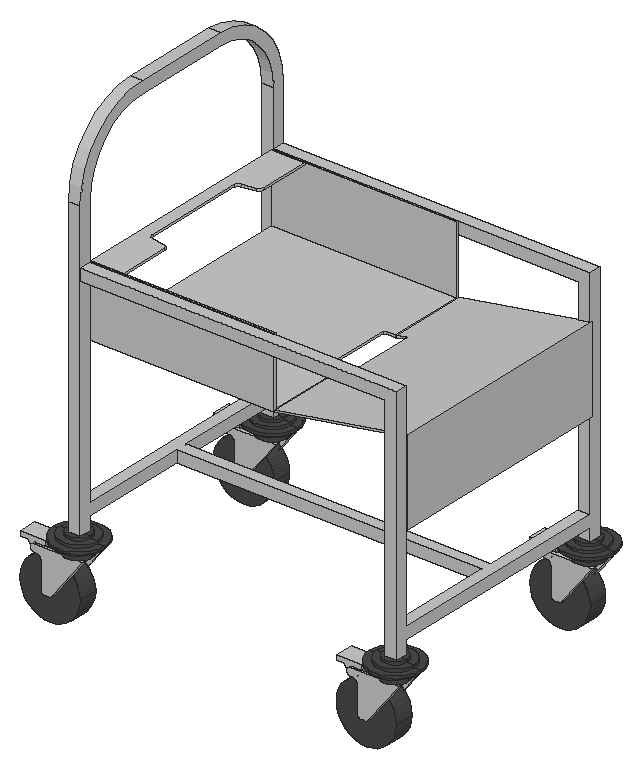
Revit family "QF_ELECTROLUXPROFESSIONAL_650065_TR210TROLLEY", category Attrezzature speciali, Revit 2020
Family settings
  Quota connettore circolare = Usa diametro
  Tipo di parte = Normale
  Basato su piano di lavoro = No
  Sempre verticale = Sì
  Taglio con vuoti quando caricato = No
  Condiviso = No
  Punto di calcolo locali = No
Parameters (values of type "Standard")
  Weight = 0.00 kg
  Watts = 0 W
  Volts = 0 V
  URL Manufacturer = ""
  URL = ""
  Steam Supply Size = 0 mm
  Steam Supply Minimum Pressure = 0.0 Pa
  Steam Supply Maximum Pressure = 0.0 Pa
  Steam Consumption per Hour = 0
  Show Clearance [instance] = yes
  Refrigeration Suction Line Size = 0 mm
  Refrigeration Liquid Line Size = 0 mm
  Refrigerant Compressor Remote = yes
  Prospetto di default = 0 mm
  Manufacturer = ""
  Phase = 0
  Model = ""
  Length Actual = 600 mm  # constant formula
  Item Number = ""
  Hot Water Size = 0 mm
  Height Actual = 1020 mm  # constant formula
  HP = ""
  Gas Size = 0 mm
  Gas KW = 0
  Gas Input Pressure = 0 W
  Direct Waste Size = 0 mm
  Description = ""
  Depth Actual = 730 mm  # constant formula
  Cycle = 0 Hz
  Condensate Return Size = 0 mm
  Compressed Air Volume = 0.0 L/s
  Compressed Air Size = 0 mm
  Compressed Air Pressure = 0.0 Pa
  Cold Water Size = 0 mm
  Accessory = yes
Reference planes
  plane 1 "Back": y = 0
  plane 2: z = 0
  plane 3 "FRONT": y = -620
  plane 4 "LEFT": x = -126
  plane 5 "RIGHT": x = 579
  plane 6: x = 226.5
  plane 7 "Centro Avanti/Indietro": y = -310
  plane 8: z = 986
  plane 9: z = 700
  plane 10: y = -50
  plane 11: y = -570
  plane 12: x = 554
  plane 13: x = -101
  plane 14: z = 675
  plane 15: z = 235
  plane 16: z = 210
  plane 17: z = 182.775
  plane 18: x = -113.5
  plane 19: x = 566.5
  plane 20: z = 696
  plane 21: x = 295.869
Forms (mm)
  Sweep 1, solid, material "QF_Finishes_Stainless Steel"
    path origin (-116, 0, 17.775) x (0, 1, 0) y (0, 0, 1)
      loop
        line (-50, 165) -> (-50, 800.725)
        arc (-50, 800.725) -> (-95.398, 910.326) -> (-205, 955.725) r 155
        line (-205, 955.725) -> (-415, 955.725)
        arc (-415, 955.725) -> (-524.602, 910.326) -> (-570, 800.725) r 155
        line (-570, 800.725) -> (-570, 165)
    profile origin (-116, -570, 500.638) x (1, 0, 0) y (0, 1, 0)
      loop
        line (-10, 12.5) -> (-10, -12.5) -> (15, -12.5) -> (15, 12.5) -> (-10, 12.5)
  Extrusion 2, solid, material "QF_Finishes_Stainless Steel"
    sketch origin (0, 250, 17.775) x (-1, 0, 0) y (0, 0, 1)
      loop
        line (101, 682.225) -> (-579, 682.225) -> (-579, 165) -> (-554, 165) -> (-554, 657.225) -> (101, 657.225) -> (101, 682.225)
    from -312.5 to -287.5
  Extrusion 3, solid, material "QF_Finishes_Stainless Steel"
    sketch origin (0, -870, 17.775) x (-1, 0, 0) y (0, 0, -1)
      loop
        line (100.755, -682.225) -> (100.755, -657.225) -> (-554, -657.225) -> (-554, -165) -> (-579, -165) -> (-579, -682.225) -> (100.755, -682.225)
    from -312.5 to -287.5
  Extrusion 4, solid, material "QF_Finishes_Stainless Steel"
    sketch origin (0, 0, 17.775) x (0, 1, 0) y (0, 0, 1)
      loop
        line (-50, 217.225) -> (-570, 217.225) -> (-570, 192.225) -> (-50, 192.225) -> (-50, 217.225)
    from -126 to -101
  Extrusion 5, solid, material "QF_Finishes_Stainless Steel"
    sketch origin (458, 0, 17.775) x (0, 1, 0) y (0, 0, -1)
      loop
        line (-50, -217.225) -> (-50, -192.225) -> (-570, -192.225) -> (-570, -217.225) -> (-50, -217.225)
    from -121 to -96
  Extrusion 6, solid, material "QF_Finishes_Stainless Steel"
    sketch origin (526.5, -456.5, 17.775) x (1, 0, 0) y (0, 0, -1)
      loop
        line (27.5, -217.225) -> (27.5, -192.225) -> (-627.5, -192.225) -> (-627.5, -217.225) -> (27.5, -217.225)
    from 134 to 159
  Extrusion 7, solid, material "QF_Finishes_Stainless Steel"
    sketch origin (685.245, 0, 217.775) x (0, 1, 0) y (0, 0, 1)
      loop
        line (-50, 235) -> (-570, 235) -> (-570, 210) -> (-50, 210) -> (-50, 235)
    from -131.245 to -106.245
  Extrusion 8, solid, material "QF_Finishes_Stainless Steel"
    sketch origin (0, 0, 0) x (1, 0, 0) y (0, 1, 0)
      loop
        line (-101, -66.5) -> (-101, -553.5) -> (-31, -553.5) -> (-31, -443.826)
        arc (-31, -443.826) -> (-33.34, -437.398) -> (-39.264, -433.978) r 10
        line (-39.264, -433.978) -> (-67.736, -428.957)
        arc (-67.736, -428.957) -> (-73.66, -425.537) -> (-76, -419.109) r 10
        line (-76, -419.109) -> (-76, -200.891)
        arc (-76, -200.891) -> (-73.66, -194.463) -> (-67.736, -191.043) r 10
        line (-67.736, -191.043) -> (-39.264, -186.022)
        arc (-39.264, -186.022) -> (-33.34, -182.602) -> (-31, -176.174) r 10
        line (-31, -176.174) -> (-31, -66.5) -> (-101, -66.5)
    from 696 to 700
  Extrusion 9, solid, material "QF_Finishes_Stainless Steel"
    sketch origin (0, 0, 0) x (0, 1, 0) y (0, 0, 1)
      loop
        line (-62.5, 700) -> (-66.5, 700) -> (-66.5, 554) -> (-553.5, 554) -> (-553.5, 700) -> (-557.5, 700) -> (-557.5, 550) -> (-62.5, 550) -> (-62.5, 700)
    from -101 to 295.869
  Extrusion 10, solid, material "QF_Finishes_Stainless Steel"
    sketch origin (0, 250, 0) x (-1, 0, 0) y (0, 0, 1)
      loop
        line (-295.869, 550) -> (-295.869, 554.067) -> (-583, 606.84) -> (-583, 423.775) -> (-554, 423.775) -> (-554, 427.775) -> (-579, 427.775) -> (-579, 602.038) -> (-295.869, 550)
    from -807.5 to -312.5
  Extrusion 11, void
    sketch origin (0, 0, 0) x (1, 0, 0) y (0, 1, 0)
      loop
        line (270.869, -235) -> (270.869, -385)
        arc (270.869, -385) -> (272.334, -388.536) -> (275.869, -390) r 5
        line (275.869, -390) -> (315.869, -390)
        arc (315.869, -390) -> (319.405, -388.536) -> (320.869, -385) r 5
        line (320.869, -385) -> (320.869, -235)
        arc (320.869, -235) -> (319.405, -231.464) -> (315.869, -230) r 5
        line (315.869, -230) -> (275.869, -230)
        arc (275.869, -230) -> (272.334, -231.464) -> (270.869, -235) r 5
    from 499.415 to 598.584
Cuts and joins
  joined: Sweep 1, Extrusion 2, Extrusion 3, Extrusion 4, Extrusion 5, Extrusion 6, Extrusion 7
  Extrusion 11 cuts Extrusion 10
  Extrusion 11 cuts Extrusion 9
Dimensions and locks
  plane 4 "LEFT" to plane 5 "RIGHT" = 705 mm
  plane 3 "FRONT" to plane 1 "Back" = 620 mm
  equal spacing: plane 4 "LEFT", plane 6, plane 5 "RIGHT"
  equal spacing: plane 3 "FRONT", plane 7 "Centro Avanti/Indietro", plane 1 "Back"
  plane 8 to plane 2 = 986 mm
  plane 9 to plane 2 = 700 mm
  equal spacing: plane 10, plane 7 "Centro Avanti/Indietro", plane 11
  plane 10 to plane 11 = 520 mm
  locked: plane 13 to plane 4 "LEFT" at 25
  locked: plane 14 to plane 15 at 440
  locked: plane 15 to plane 16 at 25
  locked: plane 9 to plane 14 at 25
  locked: plane 12 to plane 5 "RIGHT" at 25
  plane 11 to plane 3 "FRONT" = 50 mm
  plane 1 "Back" to plane 10 = 50 mm
  locked: plane 8 to Sweep 1 sketch curve at 12.5
  equal spacing: plane 12, plane 19, plane 5 "RIGHT"
  equal spacing: plane 13, plane 18, plane 4 "LEFT"
  locked: plane 9 to plane 20 at 4
  locked: plane 13 to plane 21 at 396.869
  aligned and locked: level to plane 2
  aligned and locked: plane 11 to Sweep 1 sketch curve
  aligned and locked: Sweep 1 sketch curve to plane 10
  aligned and locked: Sweep 1 to plane 4 "LEFT"
  aligned and locked: plane 5 "RIGHT" to Extrusion 2 sketch curve
  aligned and locked: Extrusion 2 sketch curve to plane 12
  aligned and locked: Sweep 1 to Extrusion 2 sketch curve
  aligned and locked: plane 10 to Extrusion 4 sketch curve
  aligned and locked: Extrusion 4 sketch curve to plane 11
  aligned and locked: Sweep 1 to Extrusion 4
  aligned and locked: plane 17 to Sweep 1 sketch curve
  aligned and locked: nested 4 to plane 10
  aligned and locked: nested 1 to plane 10
  aligned and locked: nested 3 to plane 11
  aligned and locked: nested 2 to plane 11
  aligned and locked: plane 17 to Extrusion 3
  aligned and locked: Extrusion 2 to Sweep 1
  aligned and locked: cut or joined group of Sweep 1, Extrusion 2, Extrusion 3, Extrusion 4, Extrusion 5, Extrusion 6, Extrusion 7 to plane 14  (x2)
  aligned and locked: cut or joined group of Sweep 1, Extrusion 2, Extrusion 3, Extrusion 4, Extrusion 5, Extrusion 6, Extrusion 7 to plane 9  (x2)
  aligned and locked: cut or joined group of Sweep 1, Extrusion 2, Extrusion 3, Extrusion 4, Extrusion 5, Extrusion 6, Extrusion 7 to plane 16  (x3)
  aligned and locked: plane 15 to cut or joined group of Sweep 1, Extrusion 2, Extrusion 3, Extrusion 4, Extrusion 5, Extrusion 6, Extrusion 7  (x3)
  aligned and locked: cut or joined group of Sweep 1, Extrusion 2, Extrusion 3, Extrusion 4, Extrusion 5, Extrusion 6, Extrusion 7 to plane 5 "RIGHT"  (x2)
  aligned and locked: plane 12 to cut or joined group of Sweep 1, Extrusion 2, Extrusion 3, Extrusion 4, Extrusion 5, Extrusion 6, Extrusion 7  (x2)
  aligned and locked: cut or joined group of Sweep 1, Extrusion 2, Extrusion 3, Extrusion 4, Extrusion 5, Extrusion 6, Extrusion 7 to plane 13
  aligned and locked: plane 19 to nested 2
  aligned and locked: plane 19 to nested 1
  aligned and locked: nested 3 to plane 18
  aligned and locked: nested 4 to plane 18
  aligned and locked: plane 20 to Extrusion 8
  aligned and locked: Extrusion 8 to plane 9
  aligned and locked: plane 13 to Extrusion 9
  aligned and locked: Extrusion 9 to plane 21
  aligned and locked: Extrusion 10 to cut or joined group of Sweep 1, Extrusion 2, Extrusion 3, Extrusion 4, Extrusion 5, Extrusion 6, Extrusion 7  (x2)
  aligned and locked: Extrusion 8 to Extrusion 9  (x2)
Automatic sketch dimensions
  Sweep 1 sketch curve to plane 7 "Centro Avanti/Indietro" = 105 mm
  plane 7 "Centro Avanti/Indietro" to Sweep 1 sketch curve = 105 mm
  Sweep 1 sketch curve to profile plane = 10 mm
  profile plane to Sweep 1 sketch curve = 15 mm
  profile plane to Sweep 1 sketch curve = 12.5 mm
  Sweep 1 sketch curve to profile plane = 12.5 mm
  plane 5 "RIGHT" to Extrusion 3 sketch curve = 0 mm
  plane 12 to Extrusion 3 sketch curve = 0 mm
  Extrusion 3 sketch curve to plane 9 = 0 mm
  plane 14 to Extrusion 3 sketch curve = 0 mm
  Extrusion 3 sketch curve to plane 13 = 0.245 mm
  Extrusion 5 sketch curve to plane 11 = 0 mm
  Extrusion 5 sketch curve to plane 10 = 0 mm
  plane 15 to Extrusion 5 sketch curve = 0 mm
  plane 16 to Extrusion 5 sketch curve = 0 mm
  plane 13 to Extrusion 6 sketch curve = 0 mm
  plane 12 to Extrusion 6 sketch curve = 0 mm
  plane 15 to Extrusion 6 sketch curve = 0 mm
  plane 16 to Extrusion 6 sketch curve = 0 mm
  Extrusion 7 sketch curve to plane 11 = 0 mm
  Extrusion 7 sketch curve to plane 10 = 0 mm
  plane 15 to Extrusion 7 sketch curve = 192.775 mm
  Extrusion 7 sketch curve to Extrusion 7 sketch curve = 25 mm
  plane 17 to Sweep 1 sketch curve = 0 mm
  plane 9 to Extrusion 2 sketch curve = 25 mm
  Extrusion 2 sketch curve to plane 9 = 0 mm
  Extrusion 4 sketch curve to plane 15 = 25 mm
  plane 15 to Extrusion 4 sketch curve = 0 mm
  Extrusion 2 sketch curve to plane 17 = 0 mm
  Extrusion 3 sketch curve to plane 17 = 0 mm
  Extrusion 8 sketch curve to plane 13 = 0 mm
  Extrusion 8 sketch curve to plane 13 = 25 mm
  Extrusion 8 sketch curve to Extrusion 8 sketch curve = 8.264 mm  (x2)
  Extrusion 8 sketch curve to Extrusion 8 sketch curve = 1.736 mm  (x4)
  Extrusion 8 sketch curve to Extrusion 8 sketch curve = 26.736 mm  (x2)
  Extrusion 8 sketch curve to plane 10 = 16.5 mm
  Extrusion 8 sketch curve to Extrusion 8 sketch curve = 70 mm  (x2)
  plane 11 to Extrusion 8 sketch curve = 16.5 mm
  Extrusion 8 sketch curve to Extrusion 8 sketch curve = 109.674 mm
  Extrusion 8 sketch curve to Extrusion 8 sketch curve = 5.021 mm  (x2)
  plane 7 "Centro Avanti/Indietro" to Extrusion 8 sketch curve = 109.109 mm
  plane 9 to Extrusion 9 sketch curve = 0 mm  (x2)
  plane 11 to Extrusion 9 sketch curve = 12.5 mm
  Extrusion 9 sketch curve to Extrusion 9 sketch curve = 4 mm  (x3)
  Extrusion 9 sketch curve to plane 10 = 16.5 mm
  Extrusion 9 sketch curve to plane 14 = 121 mm
  plane 5 "RIGHT" to Extrusion 10 sketch curve = 0 mm
  plane 12 to Extrusion 10 sketch curve = 0 mm
  Extrusion 10 sketch curve to plane 21 = 0 mm
  Extrusion 10 sketch curve to plane 5 "RIGHT" = 4 mm
  plane 15 to Extrusion 10 sketch curve = 188.775 mm
  Extrusion 10 sketch curve to Extrusion 10 sketch curve = 4 mm
  Extrusion 10 sketch curve to plane 14 = 72.962 mm
  Extrusion 10 sketch curve to Extrusion 10 sketch curve = 4.802 mm
  Extrusion 10 sketch curve to plane 14 = 125 mm
  Extrusion 10 sketch curve to Extrusion 10 sketch curve = 4.067 mm
  plane 21 to Extrusion 11 sketch curve = 25 mm
  Extrusion 11 sketch curve to Extrusion 11 sketch curve = 5 mm  (x3)
  Extrusion 11 sketch curve to plane 21 = 20 mm  (x2)
  Extrusion 11 sketch curve to plane 7 "Centro Avanti/Indietro" = 80 mm
  plane 7 "Centro Avanti/Indietro" to Extrusion 11 sketch curve = 75 mm
Nested families
  nested 1: "ruota_01" at (566.5, -50, 182.775) x (-1, 0, 0) z (0, 0, -1), type "ruota_01"
  nested 2: "ruota_01" at (566.5, -570, 182.775) x (-1, 0, 0) z (0, 0, -1), type "ruota_01"
  nested 3: "ruota_01" at (-113.5, -570, 182.775) x (-1, 0, 0) z (0, 0, -1), type "ruota_01"
  nested 4: "ruota_01" at (-113.5, -50, 182.775) x (-1, 0, 0) z (0, 0, -1), type "ruota_01"
Definition of nested family "ruota_01"
  Parameters (values of type "ruota_01")
    Default Elevation = 1219.2 mm
  Reference planes
    plane 1 "Centro (Fronte/Retro)": y = 0
    plane 2: z = 0
    plane 3 "Centro (Sinistra/Destra)": x = 0
    plane 4: y = 20
    plane 5: y = -20
    plane 6: y = 26
    plane 7: y = -26
  Forms (mm)
    Extrusion 1, solid
      sketch origin (0, 0, 0) x (1, 0, 0) y (0, 1, 0)
        loop
          line (-1219.2, 1219.2) -> (-1219.2, -1219.2) -> (1219.2, -1219.2) -> (1219.2, 1219.2) -> (-1219.2, 1219.2)
      from 0 to -304.8
    Revolve 2, solid
      sketch origin (0, 0, 0) x (1, 0, 0) y (0, 0, 1)
        loop
          line (0, 0) -> (25, 0) -> (25, 5) -> (40, 5) -> (40, 10) -> (55, 10) -> (55, 15) -> (50, 15) -> (50, 20) -> (30, 20) -> (30, 40) -> (0, 40) -> (0, 0)
        axis (0, 40) -> (0, 0)
      angle from 0 to 360
    Extrusion 3, solid
      sketch origin (0, 0, 0) x (1, 0, 0) y (0, 0, 1)
        loop
          line (-30, 40) -> (75.462, 40)
          arc (75.462, 40) -> (82.962, 47.5) -> (75.462, 55) r 7.5
          line (75.462, 55) -> (74.393, 55)
          arc (74.393, 55) -> (63.787, 59.393) -> (59.393, 70) r 15
          line (59.393, 70) -> (59.393, 123.117)
          arc (59.393, 123.117) -> (57.2, 128.413) -> (51.904, 130.607) r 7.49
          line (51.904, 130.607) -> (44.331, 130.607)
          arc (44.331, 130.607) -> (39.904, 129.573) -> (36.391, 126.687) r 10
          line (36.391, 126.687) -> (-30, 40)
      from -26 to -20
    Extrusion 4, solid
      sketch origin (0, 0, 0) x (1, 0, 0) y (0, 0, 1)
        loop
          line (55, 40) -> (55, 30) -> (110, 30) -> (110, 40) -> (95, 40) -> (77.322, 57.678) -> (65.84, 57.678) -> (55, 40)
      from -20 to 20
    Extrusion 5, solid
      sketch origin (0, 0, 0) x (1, 0, 0) y (0, 0, 1)
        loop
          circle (45.692, 118.174) r 65
      from -20 to 20
    Extrusion 6, solid
      sketch origin (0, 0, 0) x (1, 0, 0) y (0, 0, -1)
        loop
          line (-30, -40) -> (36.391, -126.687)
          arc (36.391, -126.687) -> (39.904, -129.573) -> (44.331, -130.607) r 10
          line (44.331, -130.607) -> (51.904, -130.607)
          arc (51.904, -130.607) -> (57.2, -128.413) -> (59.393, -123.117) r 7.49
          line (59.393, -123.117) -> (59.393, -70)
          arc (59.393, -70) -> (63.787, -59.393) -> (74.393, -55) r 15
          line (74.393, -55) -> (75.462, -55)
          arc (75.462, -55) -> (82.962, -47.5) -> (75.462, -40) r 7.5
          line (75.462, -40) -> (-30, -40)
      from -26 to -20
  Dimensions and locks
    equal spacing: plane 4, plane 1 "Centro (Fronte/Retro)", plane 5
    aligned and locked: plane 2 to Extrusion 1
    aligned and locked: level to Extrusion 1
    aligned and locked: plane 4 to Extrusion 5
    aligned and locked: Extrusion 5 to plane 5
    aligned and locked: plane 5 to Extrusion 6
    aligned and locked: Extrusion 6 to plane 7
    aligned and locked: Extrusion 3 to plane 4
    aligned and locked: plane 6 to Extrusion 3
    aligned and locked: plane 4 to Extrusion 4
    aligned and locked: Extrusion 4 to plane 5
  Automatic sketch dimensions
    Extrusion 1 sketch curve to Extrusion 1 sketch curve = 2438.4 mm  (x2)
    Revolve 2 sketch curve to plane 3 "Centro (Sinistra/Destra)" = 0 mm  (x2)
    Revolve 2 sketch curve to level = 0 mm
    plane 3 "Centro (Sinistra/Destra)" to Revolve 2 sketch curve = 25 mm
    plane 3 "Centro (Sinistra/Destra)" to Revolve 2 sketch curve = 30 mm
    Revolve 2 sketch curve to Revolve 2 sketch curve = 10 mm  (x2)
    Revolve 2 sketch curve to Revolve 2 sketch curve = 5 mm  (x6)
    Revolve 2 sketch curve to Revolve 2 sketch curve = 20 mm
    Revolve 2 sketch curve to level = 50 mm
    Extrusion 3 sketch curve to plane 3 "Centro (Sinistra/Destra)" = 30 mm
    plane 3 "Centro (Sinistra/Destra)" to Extrusion 3 sketch curve = 36.391 mm
    Extrusion 3 sketch curve to Extrusion 3 sketch curve = 7.939 mm
    Extrusion 3 sketch curve to Extrusion 3 sketch curve = 7.573 mm
    Extrusion 3 sketch curve to Extrusion 3 sketch curve = 15.063 mm
    Extrusion 3 sketch curve to Extrusion 3 sketch curve = 15 mm
    Extrusion 3 sketch curve to Extrusion 3 sketch curve = 1.068 mm
    level to Extrusion 3 sketch curve = 40 mm
    Extrusion 3 sketch curve to Extrusion 3 sketch curve = 7.5 mm
    Extrusion 3 sketch curve to Extrusion 3 sketch curve = 50.607 mm
    Extrusion 3 sketch curve to Extrusion 3 sketch curve = 2.51 mm
    plane 3 "Centro (Sinistra/Destra)" to Extrusion 4 sketch curve = 55 mm
    Extrusion 4 sketch curve to Extrusion 4 sketch curve = 10.84 mm
    Extrusion 4 sketch curve to Extrusion 4 sketch curve = 11.482 mm
    level to Extrusion 4 sketch curve = 40 mm
    Extrusion 4 sketch curve to Extrusion 4 sketch curve = 17.678 mm  (x2)
    Extrusion 4 sketch curve to Extrusion 4 sketch curve = 15 mm
    Extrusion 4 sketch curve to Extrusion 4 sketch curve = 0 mm
    Extrusion 4 sketch curve to Extrusion 4 sketch curve = 10 mm
    plane 3 "Centro (Sinistra/Destra)" to Extrusion 5 sketch curve = 45.692 mm
    level to Extrusion 5 sketch curve = 118.174 mm
    Extrusion 6 sketch curve to plane 3 "Centro (Sinistra/Destra)" = 30 mm
    plane 3 "Centro (Sinistra/Destra)" to Extrusion 6 sketch curve = 36.391 mm
    Extrusion 6 sketch curve to Extrusion 6 sketch curve = 7.939 mm
    Extrusion 6 sketch curve to Extrusion 6 sketch curve = 7.573 mm
    Extrusion 6 sketch curve to Extrusion 6 sketch curve = 15.063 mm
    Extrusion 6 sketch curve to Extrusion 6 sketch curve = 15 mm
    Extrusion 6 sketch curve to Extrusion 6 sketch curve = 1.068 mm
    level to Extrusion 6 sketch curve = 130.607 mm
    Extrusion 6 sketch curve to Extrusion 6 sketch curve = 3.92 mm
    Extrusion 6 sketch curve to Extrusion 6 sketch curve = 50.607 mm
    Extrusion 6 sketch curve to Extrusion 6 sketch curve = 7.5 mm
    radius of Extrusion 5 sketch curve = 65 mm
